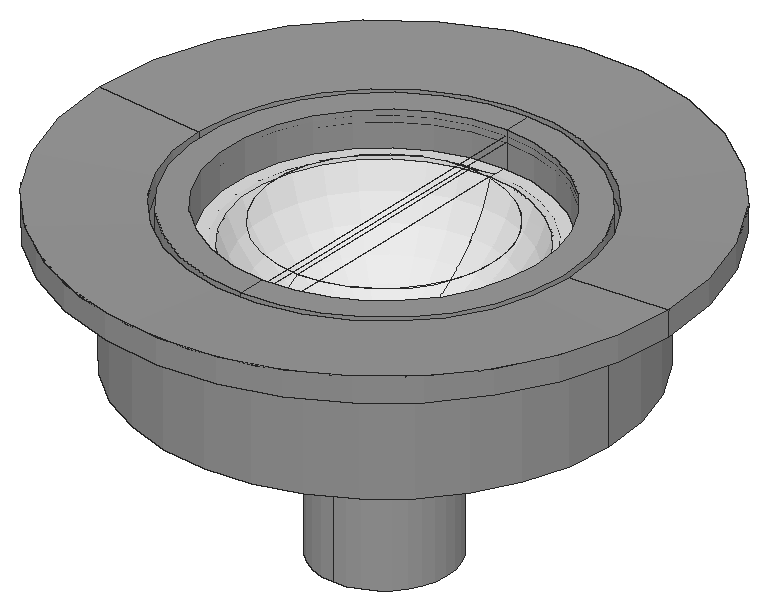
Revit family "3001766 Sylvania Lighting Fixture INSTR SW IP44 REFLED BA WW DIM", category Lighting Fixtures, host Face, Revit 2016
Family settings
  Host = Face
  Part Type = Normal
  Round Connector Dimension = Use Diameter
  OmniClass Number = 23.80.70.00
  OmniClass Title = Lighting
  Cut with Voids When Loaded = No
  Light Source = No
  Shared = No
  Room Calculation Point = No
Parameters (values of type "3001766 INSTR SW IP44 REFLED BA WW DIM")
  Weight = "6.51 kg"
  Wattage Comments = ""
  WarrantyStartDate [instance] = "n/a"
  WarrantyGuarantorParts = "n/a"
  WarrantyDurationUnit = "n/a"
  WarrantyDurationParts = "n/a"
  WarrantyDescription = "n/a"
  Voltage = 230 V
  URL = "http://www.sylvania-lighting.com"
  TypeName = "INSTR SW IP44 REFLED BA WW DIM"
  TypeHead_SYL = Inset Adjustable Head : 3001766 INSTR SW IP44 REFLED BA WW DIM
  Type Image = <None>
  Type Comments = "n/a"
  TiltAngle_SYL [instance] = 0.00°
  SerialNumber [instance] = "n/a"
  RadiusTrimIn_SYL = if(IP44Version_SYL, 31 mm, 28.5 mm)  # 31 mm
  Material_3_FEILO = none
  PowerFactor = 0
  PowerConsumption = "6 W"
  NominalLength = 95 mm
  NominalHeight = 100 mm
  NominalDepth = 95 mm
  Name = "INSTR SW IP44 REFLED BA WW DIM"
  ModelReference = Name  # "INSTR SW IP44 REFLED BA WW DIM"
  ModelNumber = "3001766"
  Model = Name  # "INSTR SW IP44 REFLED BA WW DIM"
  Material = "aluminium housing, plastic diffuser"
  ManufacturerName = "Feilo Sylvania"
  Manufacturer = "Feilo Sylvania"
  LuminousEfficacy = "57.5 lm/W"
  LuminaireType = ""
  LightOutputRatio = "100"
  LampsType = Lamp  # "LED"
  LampNominalLuminous = "345 lm"
  LampMacAdamStep = "n/a"
  LampColourTemperature = "3000 K"
  LampColourRenderingIndex = "80"
  Lamp = "LED"
  IP44Version_SYL = yes
  Keynote = "16500"
  InstallationDate [instance] = "n/a"
  InputVoltage = "220-240V~"
  InputNominalFrequency = "n/a"
  IngressProtection = "IP20/44"
  ImpactProtectionIndex = "IK02"
  IfcExportType = "IfcLightFixtureType"
  IfcExportAs = "IfcLightFixtureType"
  HeightTrim_SYL = if(IP44Version_SYL, 4 mm, 2.5 mm)  # 4 mm
  ExpectedLife = 50000
  EndAngle_SYL [instance] = TiltAngle_SYL + 180.00°  # 180.00°
  ElectricShockClassification = "n/a"
  DurationUnit = "hours"
  DocumentationLiterature = "http://www.sylvania-lighting.com/product/en-int/products/3001766"
  DimmingControlOptions = "Dimmable"
  Material_2_FEILO = none
  RadiusTrim_SYL = if(IP44Version_SYL, 47.5 mm, 41.5 mm)  # 47.5 mm
  Description = ""
  Default Elevation = 1219.2 mm
  CreatedOn = "6/19/2018"
  CreatedBy = "aron.fodor@sylvania-lighting.com"
  Cost = 0
  built-in parameter 1114216 [instance] = (empty or 0)
  ClassificationValue = "EF_70_80"
  ClassificationName = "Uniclass2015"
  Material_1_FEILO = Body-Sylvania-Inset-BA
  BarCode [instance] = "n/a"
  AssetType = "Fixed"
  AssetIdentifier [instance] = "n/a"
  Assembly Code = "D5020200"
  Apparent Load = 6 VA
  Material_4_FEILO = none
Reference planes
  plane 1 "Center (Front/Back)": y = 0
  plane 2: z = 0
  plane 3 "Center (Left/Right)": x = 0
  plane 4: x = -31
  plane 5: x = -37.5
  plane 6: z = -150
  plane 7: x = -47.5
  plane 8: z = 4
  plane 9: z = -20
  plane 10: x = -34.5
  plane 11: z = -3.5
  plane 12: z = 3
Forms (mm)
  Revolve 1, void
    sketch origin (0, 0, 0) x (1, 0, 0) y (0, 0, 1)
      loop
        line (0, 0) -> (-37.5, 0) -> (-37.5, -150) -> (0, -150) -> (0, 0)
      axis (0, 0) -> (0, -150)
    angle from 360 to 0
  Revolve 2, solid, material "Body-Sylvania-Inset-BA" <- "Material_1_FEILO"
    sketch origin (0, 0, 0) x (1, 0, 0) y (0, 0, 1)
      loop
        line (-31, 3) -> (-47.5, 4) -> (-47.5, 0) -> (-37.5, 0) -> (-37.5, -20) -> (-34.5, -20) -> (-34.5, 0) -> (-31, 0) -> (-31, 3)
      axis (0, 4) -> (0, -20)
    angle from 360 to 0
  Revolve 3, solid, not visible
    sketch origin (1223.4, -4572, -3.5) x (0, -1, 0) y (1, 0, 0)
      loop
        line (-4572, -1223.4) -> (-4578.789, -1223.4) -> (-4578.789, -1240.239) -> (-4572, -1240.239) -> (-4572, -1223.4)
      axis (-4572, -1223.4) -> (-4572, -1240.239)
    angle from 0 <- "TiltAngle_SYL" to 180 <- "EndAngle_SYL"
Dimensions and locks
  locked: plane 2 to plane 6 at 150
  "HeightTrim_SYL": plane 8 to plane 2
  "RadiusTrim_SYL": plane 3 "Center (Left/Right)" to plane 7
  locked: plane 3 "Center (Left/Right)" to plane 5 at 37.5
  locked: plane 8 to plane 9 at 24
  locked: plane 10 to plane 5 at 3
  "RadiusTrimIn_SYL": plane 3 "Center (Left/Right)" to plane 4
  locked: plane 8 to plane 11 at 7.5
  locked: plane 8 to plane 12 at 1
  aligned and locked: plane 2 to host face
  aligned and locked: level to host face
  aligned and locked: Revolve 1 sketch curve to plane 3 "Center (Left/Right)"
  aligned and locked: level to Revolve 1 sketch curve
  aligned and locked: plane 3 "Center (Left/Right)" to Revolve 1 sketch curve
  aligned and locked: Revolve 1 sketch curve to plane 5
  aligned and locked: Revolve 1 sketch curve to plane 6
  aligned and locked: plane 4 to Revolve 2 sketch curve  (x2)
  aligned and locked: Revolve 2 sketch curve to plane 7
  aligned and locked: Revolve 2 sketch curve to level  (x2)
  aligned and locked: Revolve 2 sketch curve to plane 5
  aligned and locked: plane 9 to Revolve 2 sketch curve
  aligned and locked: plane 10 to Revolve 2 sketch curve
  aligned and locked: Revolve 3 sketch curve to plane 1 "Center (Front/Back)"
  aligned and locked: Revolve 3 sketch curve to Revolve 3 sketch curve
  aligned and locked: plane 3 "Center (Left/Right)" to Revolve 3 sketch curve
  aligned and locked: plane 12 to Revolve 2 sketch curve
  aligned and locked: plane 3 "Center (Left/Right)" to nested 1
Automatic sketch dimensions
  host sketch curve to host sketch curve = 2438.4 mm  (x2)
  Revolve 1 sketch curve to plane 6 = 459.6 mm
  Revolve 1 sketch curve to plane 8 = 2606.558 mm
  Revolve 2 sketch curve to plane 3 "Center (Left/Right)" = 0 mm
  Revolve 2 sketch curve to plane 6 = 459.6 mm
  Revolve 2 sketch curve to plane 8 = 2606.558 mm
  Revolve 3 sketch curve to plane 1 "Center (Front/Back)" = 6.789 mm
  plane 4 to Revolve 3 sketch curve = 14.161 mm
  Revolve 3 sketch curve to plane 7 = 1476.5 mm
  plane 3 "Center (Left/Right)" to Revolve 3 sketch curve = 1524 mm
  Revolve 2 sketch curve to plane 8 = 0 mm
Nested families
  nested 1: "Inset Adjustable Head" at (0, 0, -3.5) x (0, 1, 0) z (0, 0, 1), type <- "TypeHead_SYL", type "3001766 INSTR SW IP44 REFLED BA WW DIM"
    with built-in parameter 1114216 (empty or 0)
Connectors
  electrical at (0, 0, 0), driven by "Apparent Load", driven by "PowerFactor", driven by "Voltage"
    settings: index 1, voltage 230 V, apparent load 6 VA, apparent load phase1 0 VA, apparent load phase2 0 VA, apparent load phase3 0 VA, power factor 0, load classification "Lighting", number of poles 1, system type 30, power factor state 1, is connector primary yes, connector utility no, sub classification motor no, connector description ""
Definition of nested family "Inset Adjustable Head"
  Parameters (values of type "3001779 INSET TREND SW WH REF SUPV3 40° NW DIM")
    Wattage Comments = "n/a"
    Wattage = 6 W
    built-in parameter 1150110 = 1 (stored number, unit not read)
    URL = "http://www.sylvania-lighting.com"
    Type Image = (empty or 0)
    Type Comments = "n/a"
    built-in parameter 1114217 = 1 (stored number, unit not read)
    Tilt Angle = -90.00°
    built-in parameter 1150109 = 1 (stored number, unit not read)
    built-in parameter 1150134 = 12
    built-in parameter 1150113 = 1 (stored number, unit not read)
    RadiusOut_SYL = if(L_SYL, 30 mm, 27.5 mm)  # 27.5 mm
    Photometric Web File = "0027936.ies"
    Material_5_SYL = none
    Material_3_SYL = none
    Model = "INSET TREND SW WH REF SUPV3 40° NW DIM"
    Manufacturer = "Feilo Sylvania"
    built-in parameter 1150105 = 266.2 (stored number, unit not read)
    Lumens = 414 lm
    built-in parameter 1150115 = 1 (stored number, unit not read)
    built-in parameter 1150137 = (empty or 0)
    built-in parameter 1150139 = (empty or 0)
    built-in parameter 1150112 = 1 (stored number, unit not read)
    built-in parameter 1150114 = 1 (stored number, unit not read)
    Lamp = "LED"
    L_SYL = no
    Keynote = "16500"
    Material_2_SYL = none
    built-in parameter 1150132 = (empty or 0)
    built-in parameter 1150102 = (empty or 0)
    built-in parameter 1150107 = 4000 (stored number, unit not read)
    built-in parameter 1150138 = (empty or 0)
    built-in parameter 1150106 = 2.662 (stored number, unit not read)
    Emit from Circle Diameter = 40 mm
    Emit Shape Visible in Rendering = no
    built-in parameter 1150104 = 6.4103 (stored number, unit not read)
    Dimming Lamp Color Temperature Shift = (empty or 0)
    Description = "GU10 Housing with LED lamp included, Ideal for indoor application, Loop in - loop out box included"
    Default Elevation = 1219.2 mm
    Cost = 0
    Color Filter = 16777215
    built-in parameter 1114216 [instance] = (empty or 0)
    Material_1_SYL = none
    built-in parameter 1114218 = 1 (stored number, unit not read)
    built-in parameter 1150133 = 10 (stored number, unit not read)
    Assembly Code = "D5020200"
    Apparent Load = 6 VA
    Material_4_SYL = none
  Types (16, lengths in mm): name | Wattage | built-in parameter 1150134 | RadiusOut_SYL | Photometric Web File | Model | built-in parameter 1150105 | Lumens | L_SYL | built-in parameter 1150107 | built-in parameter 1150106 | built-in parameter 1150104 | Description | Apparent Load
    3001779 INSET TREND SW WH REF SUPV3 40° NW DIM | 6 W | 12 | 27.5 | "0027936.ies" | "INSET TREND SW WH REF SUPV3 40° NW DIM" | 266.2 (stored number, unit not read) | 414 lm | no | 4000 (stored number, unit not read) | 2.662 (stored number, unit not read) | 6.4103 (stored number, unit not read) | "GU10 Housing with LED lamp included, Ideal for indoor application, Loop in - loop out box included" | 6 VA
    3001778 INSET TREND SW WH REF SUPV3 40° WW DIM | 6 W | (empty or 0) | 27.5 | "0027934.ies" | "INSET TREND SW WH REF SUPV3 40° WW DIM" | 248.03 (stored number, unit not read) | 402 lm | no | 3000 (stored number, unit not read) | 2.4803 (stored number, unit not read) | 6.2245 (stored number, unit not read) | "GU10 Housing with LED lamp included, Ideal for indoor application, Loop in - loop out box included" | 6 VA
    3001775 INSET TREND SW IP44 WH REF SUPV3 40° NW | 5 W | 12 | 30 | "0027930.ies" | "INSET TREND SW IP44 WH REF SUPV3 40° NW" | 244.34 (stored number, unit not read) | 380 lm | yes | 4000 (stored number, unit not read) | 2.4434 (stored number, unit not read) | 7.0606 (stored number, unit not read) | "GU10 Housing with LED lamp included, Ideal for indoor application, Loop in - loop our box included" | 5 VA
    3001774 INSET TREND SW IP44 WH REF SUPV3 40° WW | 5 W | (empty or 0) | 30 | "0027928.ies" | "INSET TREND SW IP44 WH REF SUPV3 40° WW" | 228.29 (stored number, unit not read) | 370 lm | yes | 3000 (stored number, unit not read) | 2.2829 (stored number, unit not read) | 6.8748 (stored number, unit not read) | "GU10 Housing with LED lamp included, Ideal for indoor application, Loop in - loop out box included" | 5 VA
    3001773 INSET TREND SW BA REF SUPV3 40° NW | 5 W | 12 | 27.5 | "0027930.ies" | "INSET TREND SW BA REF SUPV3 40° NW" | 244.34 (stored number, unit not read) | 380 lm | no | 4000 (stored number, unit not read) | 2.4434 (stored number, unit not read) | 7.0606 (stored number, unit not read) | "GU10 Housing with LED lamp included, Ideal for indoor application, Loop in - loop out box included" | 5 VA
    3001772 INSET TREND SW BA REF SUPV3 40° WW | 5 W | (empty or 0) | 27.5 | "0027928.ies" | "INSET TREND SW BA REF SUPV3 40° WW" | 228.29 (stored number, unit not read) | 370 lm | no | 3000 (stored number, unit not read) | 2.2829 (stored number, unit not read) | 6.8748 (stored number, unit not read) | "GU10 Housing with LED lamp included, Ideal for indoor application, Loop in - loop out box included" | 5 VA
    3001771 INSET TREND SW WH REF SUPV3 40°NW | 5 W | 12 | 27.5 | "0027930.ies" | "INSET TREND SW WH REF SUPV3 40°NW" | 244.34 (stored number, unit not read) | 380 lm | no | 4000 (stored number, unit not read) | 2.4434 (stored number, unit not read) | 7.0606 (stored number, unit not read) | "GU10 Housing with LED lamp included, Ideal for indoor application, Loop in - loop out box included" | 5 VA
    3001770 INSET TREND SW WH REF SUPV3 40°WW | 5 W | (empty or 0) | 27.5 | "0027928.ies" | "INSET TREND SW WH REF SUPV3 40°WW" | 228.29 (stored number, unit not read) | 370 lm | no | 3000 (stored number, unit not read) | 2.2829 (stored number, unit not read) | 6.8748 (stored number, unit not read) | "GU10 Housing with LED lamp included, Ideal for indoor application, Loop in - loop out box included" | 5 VA
    3001767 INSTR SW IP44 REFLED BA NW DIM | 6 W | 12 | 30 | "0027928.ies" | "INSTR SW IP44 REFLED BA NW DIM" | 212.87 (stored number, unit not read) | 345 lm | yes | 4000 (stored number, unit not read) | 2.1287 (stored number, unit not read) | 5.3419 (stored number, unit not read) | "" | 6 VA
    3001766 INSTR SW IP44 REFLED BA WW DIM | 6 W | (empty or 0) | 30 | "0027928.ies" | "INSTR SW IP44 REFLED BA WW DIM" | 212.87 (stored number, unit not read) | 345 lm | yes | 3000 (stored number, unit not read) | 2.1287 (stored number, unit not read) | 5.3419 (stored number, unit not read) | "" | 6 VA
    3001765 INS TR IP44 REFLED ES50 36° WH NW DIM | 6 W | 12 | 30 | "0027928.ies" | "INS TR IP44 REFLED ES50 36° WH NW DIM" | 212.87 (stored number, unit not read) | 345 lm | yes | 4000 (stored number, unit not read) | 2.1287 (stored number, unit not read) | 5.3419 (stored number, unit not read) | "" | 6 VA
    3001764 INS TR IP44 REFLED ES50 36° WH WW DIM | 6 W | (empty or 0) | 30 | "0027928.ies" | "INS TR IP44 REFLED ES50 36° WH WW DIM" | 212.87 (stored number, unit not read) | 345 lm | yes | 3000 (stored number, unit not read) | 2.1287 (stored number, unit not read) | 5.3419 (stored number, unit not read) | "" | 6 VA
    3001763 INS TR SW REFLED ES50 36° BA NW DIM | 6 W | 12 | 27.5 | "0027928.ies" | "INS TR SW REFLED ES50 36° BA NW DIM" | 212.87 (stored number, unit not read) | 345 lm | no | 4000 (stored number, unit not read) | 2.1287 (stored number, unit not read) | 5.3419 (stored number, unit not read) | "" | 6 VA
    3001762 INS TR SW REFLED ES50 36° BN WW DIM | 6 W | (empty or 0) | 27.5 | "0027928.ies" | "INS TR SW REFLED ES50 36° BN WW DIM" | 212.87 (stored number, unit not read) | 345 lm | no | 3000 (stored number, unit not read) | 2.1287 (stored number, unit not read) | 5.3419 (stored number, unit not read) | "" | 6 VA
    3001761 INS TR SW REFLED ES50 36° WH NW DIM | 6 W | 12 | 27.5 | "0027928.ies" | "INS TR SW REFLED ES50 36° WH NW DIM" | 212.87 (stored number, unit not read) | 345 lm | no | 4000 (stored number, unit not read) | 2.1287 (stored number, unit not read) | 5.3419 (stored number, unit not read) | "" | 6 VA
    3001760 INS TR SW REFLED ES50 36° WH WW DIM | 6 W | (empty or 0) | 27.5 | "0027928.ies" | "INS TR SW REFLED ES50 36° WH WW DIM" | 212.87 (stored number, unit not read) | 345 lm | no | 3000 (stored number, unit not read) | 2.1287 (stored number, unit not read) | 5.3419 (stored number, unit not read) | "" | 6 VA
  Reference planes
    plane 1 "Center (Front/Back)": y = 0
    plane 2: z = 0
    plane 3 "Center (Left/Right)": x = 0
    plane 4: x = -25
    plane 5: x = -22
    plane 6: x = -25.5
    plane 7: x = -27.5
    plane 8: z = -15.5
    plane 9: z = 6.5
    plane 10: z = 1
    plane 11: z = 4
    plane 12: x = -18
    plane 13: z = -0.8
    plane 14: x = -23
    plane 15: z = -45.3
    plane 16: z = -23.6
    plane 17: x = -10.5
    plane 18: z = 5.656
    plane 19: z = 4.656
  Forms (mm)
    Extrusion 1, solid
      sketch origin (4.2, 0, 0) x (1, 0, 0) y (0, 1, 0)
        loop
          line (-1219.2, 1219.2) -> (-1219.2, -1219.2) -> (1219.2, -1219.2) -> (1219.2, 1219.2) -> (-1219.2, 1219.2)
      from 0 to -68.017
    Revolve 2, solid, material <- "Material_4_SYL"
      sketch origin (0, 0, 0) x (1, 0, 0) y (0, 0, 1)
        loop
          line (-27.5, 6.5) -> (-27.5, -15.5) -> (-25.5, -15.5) -> (-25.5, 6.5) -> (-27.5, 6.5)
        axis (0, 6.5) -> (0, -15.5)
      angle from 360 to 0
    Revolve 3, solid
      sketch origin (0, 0, 0) x (1, 0, 0) y (0, 0, 1)
        loop
          line (-22, 1) -> (-25, 1) -> (-25, -0.8) -> (-23, -0.8)
          arc (-23, -0.8) -> (-19.516, -12.494) -> (-12.128, -22.205) r 34
          arc (-12.128, -22.205) -> (-10.925, -23.879) -> (-10.5, -25.897) r 5
          line (-10.5, -25.897) -> (-10.5, -45.3) -> (0, -45.3) -> (0, -15.5)
          arc (0, -15.5) -> (-13.75, -10.917) -> (-22, 1) r 22.917
        axis (0, 1) -> (0, -45.3)
      angle from 360 to 0
    Revolve 4, solid, material <- "Material_2_SYL"
      sketch origin (0, 0, 0) x (1, 0, 0) y (0, 0, 1)
        loop
          line (-23, 1) -> (0, 1) -> (0, 4) -> (-18, 4) -> (-23, 1)
        axis (0, 4) -> (0, 1)
      angle from 360 to 0
    Revolve 5, solid, material <- "Material_2_SYL", visible <- "L_SYL"
      sketch origin (0, 0, 0) x (1, 0, 0) y (0, 0, 1)
        loop
          line (-25.5, 5.656) -> (-25.5, 4.656) -> (0, 4.656) -> (0, 5.656) -> (-25.5, 5.656)
        axis (0, 5.656) -> (0, 4.656)
      angle from 360 to 0
  Dimensions and locks
    locked: plane 2 to plane 8 at 15.5
    locked: plane 9 to plane 8 at 22
    "RadiusOut_SYL": plane 3 "Center (Left/Right)" to plane 7
    locked: plane 3 "Center (Left/Right)" to plane 4 at 25
    locked: plane 9 to plane 10 at 5.5
    locked: plane 11 to plane 10 at 3
    locked: plane 12 to plane 5 at 4
    locked: plane 10 to plane 13 at 1.8
    locked: plane 14 to plane 4 at 2
    locked: plane 11 to plane 16 at 27.6
    locked: plane 11 to plane 15 at 49.3
    locked: plane 3 "Center (Left/Right)" to plane 17 at 10.5
    locked: plane 5 to plane 4 at 3
    locked: plane 3 "Center (Left/Right)" to plane 6 at 25.5
    locked: plane 18 to plane 19 at 1
    locked: plane 9 to plane 18 at 0.844
    radius of Revolve 3 sketch curve = 34 mm
    radius of Revolve 3 sketch curve = 22.917 mm
    aligned and locked: plane 2 to Extrusion 1
    aligned and locked: level to Extrusion 1
    aligned and locked: Revolve 2 sketch curve to plane 3 "Center (Left/Right)"
    aligned and locked: Revolve 2 sketch curve to plane 9
    aligned and locked: plane 7 to Revolve 2 sketch curve
    aligned and locked: plane 8 to Revolve 2 sketch curve
    aligned and locked: Revolve 2 sketch curve to plane 6
    aligned and locked: Revolve 3 sketch curve to plane 3 "Center (Left/Right)"  (x2)
    aligned and locked: plane 10 to Revolve 3 sketch curve
    aligned and locked: Revolve 3 sketch curve to plane 4
    aligned and locked: plane 14 to Revolve 3 sketch curve
    aligned and locked: Revolve 3 sketch curve to plane 13
    aligned and locked: plane 15 to Revolve 3 sketch curve
    aligned and locked: Revolve 3 sketch curve to plane 17
    aligned and locked: plane 5 to Revolve 3 sketch curve
    aligned and locked: Revolve 4 sketch curve to plane 3 "Center (Left/Right)"  (x2)
    aligned and locked: plane 14 to Revolve 4 sketch curve
    aligned and locked: plane 12 to Revolve 4 sketch curve
    aligned and locked: Revolve 4 sketch curve to plane 11
    aligned and locked: Revolve 4 sketch curve to plane 10
    aligned and locked: plane 11 to imposter light
    aligned and locked: Revolve 5 sketch curve to plane 3 "Center (Left/Right)"  (x2)
    aligned and locked: Revolve 5 sketch curve to plane 18
    aligned and locked: plane 6 to Revolve 5 sketch curve
    aligned and locked: plane 19 to Revolve 5 sketch curve
  Automatic sketch dimensions
    Extrusion 1 sketch curve to Extrusion 1 sketch curve = 2438.4 mm  (x2)
    Revolve 2 sketch curve to plane 15 = 564.3 mm
    plane 9 to Revolve 2 sketch curve = 2602.558 mm
    plane 12 to Revolve 3 sketch curve = 2.5 mm
    Revolve 3 sketch curve to plane 11 = 1.097 mm
    Revolve 3 sketch curve to plane 16 = 2.297 mm
    Revolve 3 sketch curve to plane 15 = 564.3 mm
    Revolve 3 sketch curve to Revolve 3 sketch curve = 2601.641 mm
    Revolve 4 sketch curve to plane 15 = 564.3 mm
    plane 9 to Revolve 4 sketch curve = 2602.558 mm
    Revolve 5 sketch curve to plane 15 = 564.3 mm
    plane 9 to Revolve 5 sketch curve = 2602.558 mm
